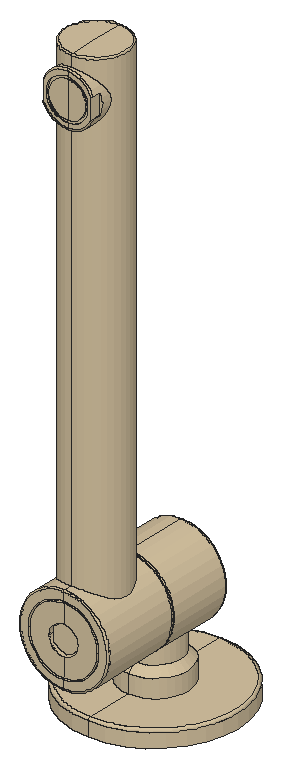
Revit family "Reece_Tap_Mizu_Drift_Bath Outlet_Straight_Swivel", category Plumbing Fixtures, host Face, Revit 2018
Family settings
  Host = Face
  Round Connector Dimension = Use Diameter
  Part Type = Normal
  Cut with Voids When Loaded = No
  Shared = Yes
  Room Calculation Point = Yes
Parameters (values of type "227 mm_Brushed Brass")
  WFU = 0  # constant formula
  URL = "https://www.reece.com.au/product/-2267293"
  Type Comments = "Tap"
  Reece_Tap_Reach = 227 mm  # constant formula
  Reece_Tap_Inlet = 12 mm  # constant formula
  Reece_Product_Web Page = "https://www.reece.com.au/product/-2267293"
  Reece_Product_Type = "Tap"  # constant formula
  Reece_Product_Sub Brand = "Drift"  # constant formula
  Reece_Product_Number = "2267293"
  Reece_Product_Mount = "Wall Mount"  # constant formula
  Reece_Product_Description = "Mizu Drift Swivel Bath Outlet Straight Spout 227mm Brushed Brass"
  Reece_Product_Brand = "Mizu"  # constant formula
  Reece_Overall_Length = 242 mm  # constant formula
  Reece_Overall_Height = 77 mm  # constant formula
  Reece_Material_Main = Reece_Brass_Brushed
  Reece_Detail_Installation = ""
  Reece_Detail_Disclaimer = "THIS FILE IS THE PROPERTY OF THE REECE GROUP. IT MAY NOT BE REPRODUCED, REVERSE-ENGINEERED, OR MODIFIED. ANY REPUBLICATION, TRANSMISSION, OR DISTRIBUTION FOR THE PURPOSE OF COMMERCIALLY EXPLOITING THE FILES IS PROHIBITED."  # constant formula
  Reece_Detail_Connector = ""
  Reece_Detail_Additional = ""
  Model = "Drift"
  Manufacturer = "Mizu"
  Keynote = "Product #2267293, Reece_Tap_Mizu_Drift_Bath Outlet_Straight_Swivel - 227 mm_Brushed Brass"
  HWFU = 0  # constant formula
  Disclaimer = "THIS FILE IS THE PROPERTY OF THE REECE GROUP. IT MAY NOT BE REPRODUCED, REVERSE-ENGINEERED, OR MODIFIED. ANY REPUBLICATION, TRANSMISSION, OR DISTRIBUTION FOR THE PURPOSE OF COMMERCIALLY EXPLOITING THE FILES IS PROHIBITED."  # constant formula
  Description = "Mizu Drift Swivel Bath Outlet Straight Spout 227mm Brushed Brass"
  Default Elevation = 1000 mm
  CWFU = 0  # constant formula
Types (6, lengths in mm): name | URL | Reece_Product_Web Page | Reece_Product_Number | Reece_Product_Description | Reece_Material_Main | Keynote | Description
  (no name) | "https://www.reece.com.au/product/-2267212" | "https://www.reece.com.au/product/-2267212" | "2267212" | "Mizu Drift Swivel Bath Outlet Straight Spout 227mm Chrome" | Reece_Brass_Chrome | "Product #2267212, Reece_Tap_Mizu_Drift_Bath Outlet_Straight_Swivel -  " | "Mizu Drift Swivel Bath Outlet Straight Spout 227mm Chrome"
  227 mm_Chrome | "https://www.reece.com.au/product/-2267212" | "https://www.reece.com.au/product/-2267212" | "2267212" | "Mizu Drift Swivel Bath Outlet Straight Spout 227mm Chrome" | Reece_Brass_Chrome | "Product #2267212, Reece_Tap_Mizu_Drift_Bath Outlet_Straight_Swivel - 227 mm_Chrome" | "Mizu Drift Swivel Bath Outlet Straight Spout 227mm Chrome"
  227 mm_Brushed Brass | "https://www.reece.com.au/product/-2267293" | "https://www.reece.com.au/product/-2267293" | "2267293" | "Mizu Drift Swivel Bath Outlet Straight Spout 227mm Brushed Brass" | Reece_Brass_Brushed | "Product #2267293, Reece_Tap_Mizu_Drift_Bath Outlet_Straight_Swivel - 227 mm_Brushed Brass" | "Mizu Drift Swivel Bath Outlet Straight Spout 227mm Brushed Brass"
  227 mm_Brushed Gunmetal | "https://www.reece.com.au/product/-2267273" | "https://www.reece.com.au/product/-2267273" | "2267273" | "Mizu Drift Swivel Bath Outlet Straight Spout 227mm Brushed Gunmetal" | Reece_Brass_Brushed Gunmetal | "Product #2267273, Reece_Tap_Mizu_Drift_Bath Outlet_Straight_Swivel - 227 mm_Brushed Gunmetal" | "Mizu Drift Swivel Bath Outlet Straight Spout 227mm Brushed Gunmetal"
  227 mm_Brushed Nickel | "https://www.reece.com.au/product/-2267253" | "https://www.reece.com.au/product/-2267253" | "2267253" | "Mizu Drift Swivel Bath Outlet Straight Spout 227mm Brushed Nickel" | Reece_Brass_Brushed Nickel | "Product #2267253, Reece_Tap_Mizu_Drift_Bath Outlet_Straight_Swivel - 227 mm_Brushed Nickel" | "Mizu Drift Swivel Bath Outlet Straight Spout 227mm Brushed Nickel"
  227 mm_Matte Black | "https://www.reece.com.au/product/-2267233" | "https://www.reece.com.au/product/-2267233" | "2267233" | "Mizu Drift Swivel Bath Outlet Straight Spout 227mm Matte Black" | Reece_Brass_Matte Black | "Product #2267233, Reece_Tap_Mizu_Drift_Bath Outlet_Straight_Swivel - 227 mm_Matte Black" | "Mizu Drift Swivel Bath Outlet Straight Spout 227mm Matte Black"
Reference planes
  plane 1 "Center (Front/Back)": y = 0
  plane 2 "Bottom": z = 0
  plane 3 "Center (Left/Right)": x = 0
  plane 4: y = -44.5
  plane 5: z = 227
  plane 6: z = 242
  plane 7: y = 32.5
  plane 8: z = 39
Forms (mm)
  Revolve 1, solid, material "Reece_Brass_Brushed" <- "Reece_Material_Main"
    sketch origin (0, 200, -2) x (0, 1, 0) y (0, 0, 1)
      loop
        line (-228.75, 244) -> (-240.25, 244)
        arc (-240.25, 244) -> (-240.604, 243.854) -> (-240.75, 243.5) r 0.5
        line (-240.75, 243.5) -> (-240.75, 49) -> (-239.75, 49) -> (-239.75, 242.5) -> (-228.75, 242.5) -> (-228.75, 244)
      axis (-228.75, 49) -> (-228.75, 244)
    angle from 0 to 360
  Revolve 2, solid, material "Reece_Brass_Brushed" <- "Reece_Material_Main"
    sketch origin (0, 0, 85) x (0, 1, 0) y (0, 0, 1)
      loop
        line (0, -85) -> (32.5, -85) -> (32.5, -79.5)
        arc (32.5, -79.5) -> (32.207, -78.793) -> (31.5, -78.5) r 1
        line (31.5, -78.5) -> (13, -78.5) -> (13, -71.5) -> (10, -68.5) -> (10, -55.5) -> (0, -55.5) -> (0, -85)
      axis (0, -55.5) -> (0, -85)
    angle from 0 to 360
  Revolve 3, solid, material "Reece_Brass_Brushed" <- "Reece_Material_Main"
    sketch origin (0, 0, 0) x (0, 1, 0) y (0, 0, 1)
      loop
        line (13, 39) -> (13, 56)
        arc (13, 56) -> (12.854, 56.354) -> (12.5, 56.5) r 0.5
        line (12.5, 56.5) -> (-12.5, 56.5)
        arc (-12.5, 56.5) -> (-12.854, 56.354) -> (-13, 56) r 0.5
        line (-13, 56) -> (-13, 39) -> (13, 39)
      axis (13, 39) -> (-13, 39)
    angle from 0 to 360
  Revolve 4, solid, material "Reece_Brass_Brushed" <- "Reece_Material_Main"
    sketch origin (0, -26, 0) x (0, -1, 0) y (0, 0, 1)
      loop
        line (18.5, 39) -> (18.5, 56)
        arc (18.5, 56) -> (18.354, 56.354) -> (18, 56.5) r 0.5
        line (18, 56.5) -> (-12.5, 56.5)
        arc (-12.5, 56.5) -> (-12.854, 56.354) -> (-13, 56) r 0.5
        line (-13, 56) -> (-13, 39) -> (18.5, 39)
      axis (18.5, 39) -> (-13, 39)
    angle from 0 to 360
  Revolve 5, void
    sketch origin (0, 0, 0) x (1, 0, 0) y (0, 0, 1)
      loop
        line (0, 6.5) -> (-12, 6.5) -> (-12, -43.5) -> (0, -43.5) -> (0, 6.5)
      axis (0, 6.5) -> (0, -43.5)
    angle from 0 to 360
  Revolve 6, solid, material "Reece_Brass_Brushed" <- "Reece_Material_Main"
    sketch origin (0, -137.825, 89.651) x (0, 0.139173, -0.990268) y (0, 0.990268, 0.139173)
      loop
        arc (-133.111, 115.207) -> (-133.015, 114.836) -> (-132.685, 114.642) r 0.5
        line (-132.685, 114.642) -> (-122.782, 113.251) -> (-120.106, 132.294) -> (-130.504, 133.756) -> (-133.111, 115.207)
      axis (-122.782, 113.251) -> (-120.106, 132.294)
    angle from 0 to 360
  Revolve 7, void
    sketch origin (0, -137.825, 91.451) x (0, 0.139173, -0.990268) y (0, 0.990268, 0.139173)
      loop
        line (-128.023, 114.365) -> (-129.064, 114.512) -> (-129.194, 113.586) -> (-128.153, 113.44) -> (-128.023, 114.365)
      axis (-121.078, 112.446) -> (-120.939, 113.436)
    angle from 0 to 360
  Extrusion 8, void
    sketch origin (0, -136.194, 90.376) x (0, 0.150677, -0.988583) y (0, 0.988583, 0.150677)
      loop
        line (-116.403, 116.238) -> (-124.512, 117.474) -> (-125.375, 111.811) -> (-117.266, 110.575) -> (-116.403, 116.238)
    from -11.747 to -9
  Extrusion 9, void
    sketch origin (0, -136.194, 90.376) x (0, 0.150677, -0.988583) y (0, -0.988583, -0.150677)
      loop
        line (-116.403, -116.238) -> (-117.266, -110.575) -> (-125.375, -111.811) -> (-124.512, -117.474) -> (-116.403, -116.238)
    from -11.747 to -9
  Extrusion 10, void
    sketch origin (0, 0, 0) x (1, 0, 0) y (0, 0, 1)
      loop
        arc (-4.74, 40.59) -> (-5, 39) -> (-4.74, 37.41) r 5
        line (-4.74, 37.41) -> (-4.74, 36.263) -> (-3.747, 35.69)
        arc (-3.747, 35.69) -> (-2.5, 34.67) -> (-0.993, 34.1) r 5
        line (-0.993, 34.1) -> (0, 33.526) -> (0.993, 34.1)
        arc (0.993, 34.1) -> (2.5, 34.67) -> (3.747, 35.69) r 5
        line (3.747, 35.69) -> (4.74, 36.263) -> (4.74, 37.41)
        arc (4.74, 37.41) -> (5, 39) -> (4.74, 40.59) r 5
        line (4.74, 40.59) -> (4.74, 41.737) -> (3.747, 42.31)
        arc (3.747, 42.31) -> (2.5, 43.33) -> (0.993, 43.9) r 5
        line (0.993, 43.9) -> (0, 44.474) -> (-0.993, 43.9)
        arc (-0.993, 43.9) -> (-2.5, 43.33) -> (-3.747, 42.31) r 5
        line (-3.747, 42.31) -> (-4.74, 41.737) -> (-4.74, 40.59)
      loop
        circle (0, 39) r 5.75
    from 39.849 to 62.616
  Extrusion 11, void
    sketch origin (0, 0, 0) x (1, 0, 0) y (0, 0, 1)
      loop
        circle (0, 39) r 5.75
      loop
        circle (0, 39) r 13
      loop
        circle (0, 39) r 13.8
    from 43.269 to 44.5
Cuts and joins
  Extrusion 9, Extrusion 11 cuts Revolve 1
  Extrusion 9, Extrusion 11 cuts Revolve 2
  Extrusion 9, Extrusion 11 cuts Revolve 3
  Extrusion 9, Extrusion 10, Extrusion 11 cuts Revolve 4
  Revolve 7, Extrusion 8, Extrusion 9, Extrusion 11 cuts Revolve 6
  joined: Revolve 1, Revolve 2, Revolve 3, Revolve 4, Revolve 6
Text (mm)
  text "Reece Copyright © 2018, Reece Ltd." at (-773.027, -259.146, 0), in view "Ref. Level"
  text "Reece ©" at (18.398, 187.624, 147.005), in view "Reece Preview"
Dimensions and locks
  "Reece_Overall_Length": plane 6 to plane 2 "Bottom"
  "Reece_Tap_Reach": plane 5 to plane 2 "Bottom"
  "Reece_Overall_Height": plane 4 to plane 7
  Revolve 2 sketch curve to Revolve 2 sketch curve = 32.5 mm
  aligned and locked: plane 2 "Bottom" to host face
  aligned and locked: level to host face
Automatic sketch dimensions
  host sketch curve to host sketch curve = 380.785 mm
  host sketch curve to host sketch curve = 317.421 mm
  plane 6 to Revolve 1 sketch curve = 0 mm
  Revolve 1 sketch curve to plane 4 = 3.75 mm
  Revolve 1 sketch curve to Revolve 1 sketch curve = 0.5 mm
  Revolve 1 sketch curve to Revolve 1 sketch curve = 1 mm  (x2)
  level to Revolve 1 sketch curve = 0.866 mm
  Revolve 1 sketch curve to Revolve 1 sketch curve = 28.866 mm
  Revolve 2 sketch curve to plane 1 "Center (Front/Back)" = 0 mm
  level to Revolve 2 sketch curve = 0 mm
  Revolve 2 sketch curve to Revolve 2 sketch curve = 10 mm
  Revolve 2 sketch curve to Revolve 2 sketch curve = 3 mm  (x2)
  level to Revolve 2 sketch curve = 5.5 mm
  Revolve 2 sketch curve to Revolve 2 sketch curve = 7 mm
  Revolve 2 sketch curve to level = 30 mm
  Revolve 2 sketch curve to Revolve 2 sketch curve = 0 mm
  plane 1 "Center (Front/Back)" to Revolve 3 sketch curve = 13 mm
  Revolve 3 sketch curve to Revolve 3 sketch curve = 0.5 mm
  Revolve 3 sketch curve to plane 1 "Center (Front/Back)" = 12.5 mm
  Revolve 3 sketch curve to plane 1 "Center (Front/Back)" = 13 mm
  Revolve 3 sketch curve to plane 4 = 4.5 mm
  Revolve 3 sketch curve to Revolve 3 sketch curve = 2 mm
  Revolve 4 sketch curve to plane 4 = 0 mm
  plane 4 to Revolve 4 sketch curve = 0.5 mm
  Revolve 4 sketch curve to plane 1 "Center (Front/Back)" = 13.5 mm
  Revolve 4 sketch curve to plane 1 "Center (Front/Back)" = 13 mm
  plane 4 to Revolve 4 sketch curve = 3.5 mm
  Revolve 5 sketch curve to plane 3 "Center (Left/Right)" = 0 mm  (x2)
  Revolve 5 sketch curve to Revolve 5 sketch curve = 12 mm
  Revolve 5 sketch curve to level = 43.5 mm
  level to Revolve 5 sketch curve = 6.5 mm
  Revolve 5 sketch curve to Revolve 5 sketch curve = 5 mm
  Revolve 5 sketch curve to Revolve 5 sketch curve = 10 mm
  Revolve 1 sketch curve to Revolve 1 sketch curve = 11 mm
  Revolve 1 sketch curve to plane 4 = 15.75 mm
  level to Revolve 1 sketch curve = 47 mm
  Revolve 2 sketch curve to Revolve 2 sketch curve = 13 mm
  level to Revolve 3 sketch curve = 39 mm
  Revolve 3 sketch curve to Revolve 3 sketch curve = 17 mm
  Revolve 3 sketch curve to Revolve 3 sketch curve = 0 mm
  Revolve 4 sketch curve to level = 39 mm
  Revolve 4 sketch curve to Revolve 4 sketch curve = 17 mm
  Revolve 4 sketch curve to Revolve 4 sketch curve = 0 mm
  Revolve 2 sketch curve to plane 7 = 0 mm
  Revolve 2 sketch curve to plane 7 = 1 mm
  plane 1 "Center (Front/Back)" to Revolve 4 sketch curve = 14 mm
  plane 1 "Center (Front/Back)" to Revolve 6 sketch curve = 42.265 mm
  plane 5 to Revolve 6 sketch curve = 10.5 mm
  Revolve 6 sketch curve to Revolve 6 sketch curve = 0.426 mm
  Revolve 6 sketch curve to Revolve 6 sketch curve = 0.495 mm
  Revolve 6 sketch curve to Revolve 6 sketch curve = 2.607 mm
  Revolve 6 sketch curve to Revolve 6 sketch curve = 9.903 mm
  Revolve 6 sketch curve to Revolve 6 sketch curve = 10.398 mm
  Revolve 6 sketch curve to Revolve 6 sketch curve = 0.07 mm
  Revolve 6 sketch curve to Revolve 6 sketch curve = 1.812 mm
  Revolve 6 sketch curve to Revolve 6 sketch curve = 0.706 mm
  Revolve 6 sketch curve to Revolve 6 sketch curve = 12.891 mm
  Revolve 6 sketch curve to Revolve 6 sketch curve = 5.022 mm
  plane 5 to Revolve 7 sketch curve = 8.196 mm
  plane 1 "Center (Front/Back)" to Revolve 7 sketch curve = 43.325 mm
  Revolve 7 sketch curve to Revolve 7 sketch curve = 0.13 mm
  Revolve 7 sketch curve to Revolve 7 sketch curve = 1.041 mm
  Revolve 7 sketch curve to Revolve 7 sketch curve = 0.146 mm
  Revolve 7 sketch curve to Revolve 7 sketch curve = 6.918 mm
  Revolve 7 sketch curve to Revolve 7 sketch curve = 0.607 mm
  Revolve 7 sketch curve to Revolve 7 sketch curve = 2.11 mm
  Revolve 7 sketch curve to Revolve 7 sketch curve = 4.32 mm
  plane 5 to Extrusion 8 sketch curve = 4.167 mm
  plane 1 "Center (Front/Back)" to Extrusion 8 sketch curve = 44.552 mm
  Extrusion 8 sketch curve to Extrusion 8 sketch curve = 0.863 mm
  Extrusion 8 sketch curve to Extrusion 8 sketch curve = 8.109 mm
  Extrusion 8 sketch curve to Extrusion 8 sketch curve = 1.236 mm
  plane 5 to Extrusion 9 sketch curve = 4.167 mm
  plane 1 "Center (Front/Back)" to Extrusion 9 sketch curve = 44.552 mm
  Extrusion 9 sketch curve to Extrusion 9 sketch curve = 0.863 mm
  Extrusion 9 sketch curve to Extrusion 9 sketch curve = 8.109 mm
  Extrusion 9 sketch curve to Extrusion 9 sketch curve = 4.428 mm
  Extrusion 10 sketch curve to Extrusion 10 sketch curve = 0 mm  (x13)
  Extrusion 10 sketch curve to plane 3 "Center (Left/Right)" = 0 mm  (x3)
  Extrusion 10 sketch curve to plane 8 = 0 mm
  Extrusion 10 sketch curve to plane 3 "Center (Left/Right)" = 0.993 mm  (x2)
  Extrusion 10 sketch curve to plane 8 = 1.59 mm  (x2)
  plane 3 "Center (Left/Right)" to Extrusion 10 sketch curve = 0.993 mm  (x2)
  Extrusion 10 sketch curve to Extrusion 10 sketch curve = 0.993 mm  (x4)
  Extrusion 10 sketch curve to Extrusion 10 sketch curve = 1.147 mm  (x4)
  Extrusion 10 sketch curve to Extrusion 10 sketch curve = 0.574 mm  (x6)
  plane 8 to Extrusion 10 sketch curve = 1.59 mm
  Extrusion 10 sketch curve to Extrusion 10 sketch curve = 1.59 mm
  Extrusion 10 sketch curve to Extrusion 10 sketch curve = 2.754 mm
  Extrusion 11 sketch curve to Extrusion 11 sketch curve = 0 mm  (x4)
  Extrusion 11 sketch curve to plane 8 = 0 mm
  Extrusion 11 sketch curve to plane 3 "Center (Left/Right)" = 0 mm
  Extrusion 11 sketch curve to Extrusion 11 sketch curve = 5.75 mm
  radius of Extrusion 10 sketch curve = 5.75 mm
  radius of Extrusion 11 sketch curve = 13 mm
  radius of Extrusion 11 sketch curve = 13.8 mm
Connectors
  piping at (0, 0, -9.564), diameter 12, driven by "Reece_Tap_Inlet"
    settings: on host face, index 1, connector inside diameter 609.6 mm, connector length 0 mm, flow factor 0, pipe flow 0.0 L/s, pressure drop 0.0 Pa, fitting loss kfactor 0, connector angle 0.00°, fixture units 0, engagement length 0 mm, angle of deflection 0.00°, flow configuration 0, flow direction 1, fitting loss method 0, system type 29, joint type 0, gender type 0, connector reference index -1, connector utility 0, adjustable connector no, is connector primary yes, connector description ""
